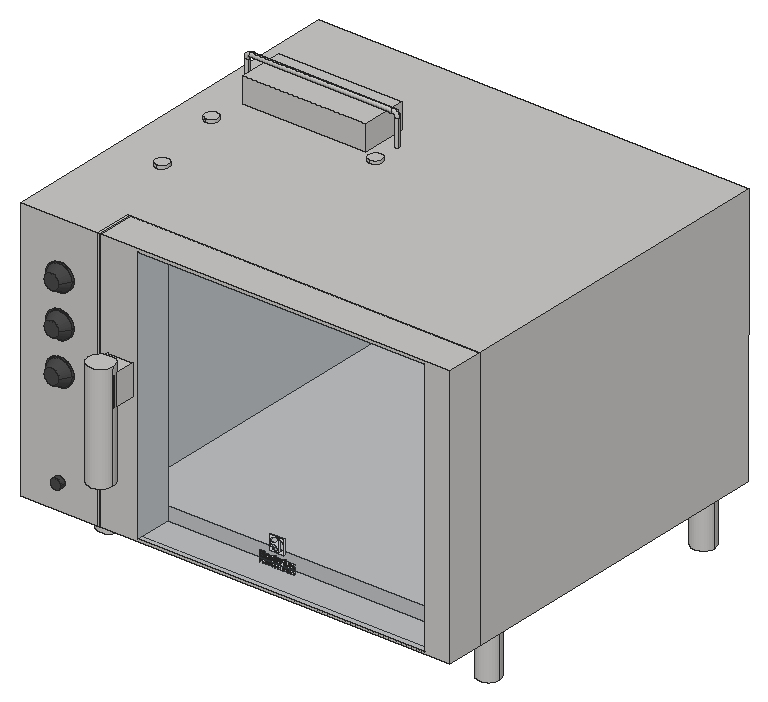
Revit family "QF_ELECTROLUXPROFESSIONAL_260817_EFCL61CSBQ", category Attrezzature speciali, Revit 2018
Family settings
  Quota connettore circolare = Usa diametro
  Tipo di parte = Normale
  Basato su piano di lavoro = No
  Sempre verticale = Sì
  Taglio con vuoti quando caricato = No
  Condiviso = No
  Punto di calcolo locali = No
Parameters (values of type "Standard")
  Weight = 92.10 kg
  Watts = 350 W
  Volts = 220 V
  URL Manufacturer = "https://www.electroluxprofessional.com/"
  URL = "https://www.electroluxprofessional.com/"
  Steam Supply Size = 0 mm
  Steam Supply Minimum Pressure = 0.0 Pa
  Steam Supply Maximum Pressure = 0.0 Pa
  Steam Consumption per Hour = 0
  Show Logo [instance] = yes
  Show Clearance [instance] = yes
  Refrigeration Suction Line Size = 0 mm
  Refrigeration Liquid Line Size = 0 mm
  Refrigerant Compressor Remote = yes
  Produttore = "Electrolux Professional"
  Phase = 1
  Modello = "EFCL61CSBQ"
  Length Actual = 860 mm  # constant formula
  Item Number = "260817"
  Hot Water Size = 0 mm
  Height Actual = 701 mm  # constant formula
  HP = "0.5 HP"
  Gas Size = 12.7 mm
  Gas KW = 8.5
  Gas Input Pressure = 0.062245 W
  Direct Waste Size = 25 mm
  Descrizione = "CONVECTION OVEN CW 6 GN 1/1 - GAS - 60HZ - Q MARK"
  Depth Actual = 746 mm  # constant formula
  Cycle = 60 Hz
  Condensate Return Size = 0 mm
  Compressed Air Volume = 0.0 L/s
  Compressed Air Size = 0 mm
  Compressed Air Pressure = 0.0 Pa
  Cold Water Size = 19.05 mm
  Accessory = yes
Types (2, lengths in mm): name | URL | Produttore | Phase | Modello | Gas Size | Direct Waste Size | Descrizione | Cold Water Size
  (no name) | 0 | 0 | 0 | 0 | 0 | 0 | 0 | 0
  Standard | "https://www.electroluxprofessional.com/" | "Electrolux Professional" | 1 | "EFCL61CSBQ" | 12.7 | 25 | "CONVECTION OVEN CW 6 GN 1/1 - GAS - 60HZ - Q MARK" | 19.05
Values of the unnamed type that differ from the named types
  Weight = 0.00 kg
  Watts = 0 W
  Volts = 0 V
  URL Manufacturer = ""
  Item Number = ""
  HP = ""
  Gas KW = 0
  Gas Input Pressure = 0 W
  Cycle = 0 Hz
Reference planes
  plane 1 "Center X": y = 106.851
  plane 2: z = 0
  plane 3 "Center Y": x = -330
  plane 4 "LEFT": x = -760
  plane 5 "BACK": y = 479.851
  plane 6 "RIGHT": x = 100
  plane 7 "FRONT": y = -266.149
  plane 8: x = -710
  plane 9: y = 421.851
  plane 10: y = -191.149
  plane 11: x = 80
  plane 12: z = 108
  plane 13 "Center Z": z = 633
  plane 14: z = 0
  plane 15 "1": y = 241.851
Forms (mm)
  Extrusion 1, solid, material "QF_Finishes_Stainless Steel"
    sketch origin (0, 0, 950) x (-1, 0, 0) y (0, -1, 0)
      loop
        line (760, -479.851) -> (760, 266.149) -> (600, 266.149) -> (600, 191.149) -> (-100, 191.149) -> (-100, -479.851) -> (760, -479.851)
    from -317 to -842
  Extrusion 2, solid, material "QF_Finishes_Stainless Steel"
    sketch origin (0, -266.149, -670) x (-1, 0, 0) y (0, 0, 1)
      loop
        line (605, 1303) -> (-100, 1303) -> (-100, 778) -> (605, 778) -> (605, 1303)
      loop
        line (525, 1298) -> (-50, 1298) -> (-50, 783) -> (525, 783) -> (525, 1298)
    from 0 to 75
  Extrusion 3, solid, material "QF_Finishes_Glass"
    sketch origin (0, -266.149, -670) x (-1, 0, 0) y (0, 0, 1)
      loop
        line (-50, 1298) -> (-50, 783) -> (525, 783) -> (525, 1298) -> (-50, 1298)
    from 0 to 9.69
  Extrusion 4, solid, material "QF_Finishes_Stainless Steel"
    sketch origin (-46, -45, 638) x (0, -1, 0) y (-1, 0, 0)
      loop
        circle (-347.851, 643) r 13.25
    from 0 to 5
  Extrusion 5, solid, material "QF_Door-Drawer Clearances", visible <- "Show Clearance", detail levels coarse
    sketch origin (0, 0, 633) x (-1, 0, 0) y (0, -1, 0)
      loop
        arc (600, 266.149) -> (394.975, 761.124) -> (-100, 966.149) r 700
        line (-100, 966.149) -> (-100, 266.149) -> (600, 266.149)
    from -525 to 0
  Extrusion 6, solid, material "QF_Finishes_Stainless Steel"
    sketch origin (-20, -463, 638) x (0, -1, 0) y (-1, 0, 0)
      loop
        circle (-429.851, 643) r 13.25
    from 0 to 5
  Extrusion 7, solid, material "QF_Finishes_Stainless Steel"
    sketch origin (246, -161, 638) x (0, -1, 0) y (-1, 0, 0)
      loop
        circle (-347.851, 658) r 13.25
    from 0 to 5
  Extrusion 8, solid, material "QF_Finishes_Stainless Steel"
    sketch origin (0, 0, 420) x (-1, 0, 0) y (0, -1, 0)
      loop
        circle (559.299, 316.149) r 25
    from -193.655 to 20
  Extrusion 9, solid, material "QF_Finishes_Stainless Steel"
    sketch origin (0, 0, 420) x (-1, 0, 0) y (0, -1, 0)
      loop
        line (534.299, 316.149) -> (534.299, 266.149) -> (584.299, 266.149) -> (584.299, 316.149)
        arc (584.299, 316.149) -> (559.299, 291.149) -> (534.299, 316.149) r 25
    from -55.026 to 5
  Extrusion 10, solid, material "QF_Finishes_Black"
    sketch origin (25, -316.149, -1057.5) x (-1, 0, 0) y (0, 0, 1)
      loop
        circle (705.941, 1218.523) r 10
    from 40 to 50
  Extrusion 11, solid, material "QF_Finishes_Stainless Steel"
    sketch origin (-51, -218, 638) x (0, -1, 0) y (-1, 0, 0)
      loop
        circle (-347.851, 643) r 13.25
    from 0 to 5
  Extrusion 12, solid, material "QF_Finishes_Black"
    sketch origin (24, -266.149, -666.676) x (-1, 0, 0) y (0, 0, 1)
      loop
        circle (704, 1195.5) r 26.676
    from 0 to -3
  Blend 13, solid, material "QF_Finishes_Black"
    base sketch origin (-6, -266.149, -666.676) x (1, 0, 0) y (0, 0, 1)
      loop
        circle (-674, 1195.5) r 25
    top sketch origin (-6, -266.149, -666.676) x (1, 0, 0) y (0, 0, 1)
      loop
        circle (-674, 1195.5) r 15
    from 3 to 21.442
  Extrusion 14, solid, material "QF_Finishes_Black"
    sketch origin (24, -266.149, -751.676) x (-1, 0, 0) y (0, 0, 1)
      loop
        circle (704, 1195.5) r 26.676
    from 0 to -3
  Blend 15, solid, material "QF_Finishes_Black"
    base sketch origin (-6, -266.149, -751.676) x (1, 0, 0) y (0, 0, 1)
      loop
        circle (-674, 1195.5) r 25
    top sketch origin (-6, -266.149, -751.676) x (1, 0, 0) y (0, 0, 1)
      loop
        circle (-674, 1195.5) r 15
    from 3 to 21.442
  Extrusion 16, solid, material "QF_Finishes_Black"
    sketch origin (24, -266.149, -836.676) x (-1, 0, 0) y (0, 0, 1)
      loop
        circle (704, 1195.5) r 26.676
    from 0 to -3
  Blend 17, solid, material "QF_Finishes_Black"
    base sketch origin (-6, -266.149, -836.676) x (1, 0, 0) y (0, 0, 1)
      loop
        circle (-674, 1195.5) r 25
    top sketch origin (-6, -266.149, -836.676) x (1, 0, 0) y (0, 0, 1)
      loop
        circle (-674, 1195.5) r 15
    from 3 to 21.442
  Extrusion 18, void
    sketch origin (-600, -680.149, 1750) x (-1, 0, 0) y (0, 0, 1)
      loop
        line (0, -1138.194) -> (-650, -1138.194) -> (-650, -1610) -> (0, -1610) -> (0, -1138.194)
    from 489 to 1102
  Extrusion 19, solid, material "QF_Finishes_Stainless Steel"
    sketch origin (-158.755, 1.577, 1620) x (-1, 0, 0) y (0, -1, 0)
      loop
        line (527.245, -285.274) -> (527.245, -195.745) -> (280.245, -195.745) -> (280.245, -285.274) -> (527.245, -285.274)
    from -987 to -936
  Sweep 20, solid, material "QF_Finishes_Stainless Steel"
    path origin (-11, 241.851, 0) x (-1, 0, 0) y (0, 0, 1)
      loop
        line (702, 638) -> (702, 687)
        arc (702, 687) -> (699.657, 692.657) -> (694, 695) r 8
        line (694, 695) -> (409, 695)
        arc (409, 695) -> (403.343, 692.657) -> (401, 687) r 8
        line (401, 687) -> (401, 633)
    profile origin (-713, 241.851, 662.5) x (1, 0, 0) y (0, 1, 0)
      loop
        circle (0, 0) r 4
Cuts and joins
  Extrusion 18 cuts Extrusion 1
  Extrusion 18 cuts Extrusion 2
  Extrusion 18 cuts Extrusion 3
  Extrusion 18 cuts Extrusion 5
  Extrusion 18 cuts Extrusion 7
  Extrusion 18 cuts Extrusion 8
  Extrusion 18 cuts Extrusion 9
Lines and regions (mm)
  Split face 1
    outline origin (-720, -266.149, 950) x (0, 0, -1) y (1, 0, 0)
      loop
        line (322, -25) -> (837, -25) -> (837, 105) -> (322, 105) -> (322, -25)
  Split face 2
    outline origin (-736.25, -266.149, 746.25) x (0, 0, -1) y (1, 0, 0)
      loop
        line (469.5, 38.5) -> (485.75, 38.5) -> (485.75, 73.5) -> (469.5, 73.5) -> (469.5, 38.5)
  Split face 3
    outline origin (30, -266.149, 135) x (1, 0, 0) y (0, 0, 1)
      loop
        line (-541.223, 70.039) -> (-390, 70.039) -> (-361.716, 98.323) -> (-275, 98.323) -> (-188.284, 98.323) -> (-160, 70.039) -> (6.223, 70.039) -> (6.223, 415.039) -> (-541.223, 415.039) -> (-541.223, 70.039)
  Split face 4
    outline origin (-720, -266.149, 950) x (0, 0, -1) y (1, 0, 0)
      loop
        line (792, -25) -> (792, 105)
  Split face 5
    outline origin (-600, -266.149, 950) x (-1, 0, 0) y (0, 0, -1)
      loop
        line (145, 367) -> (15, 367)
  symbolic lines
    curve 1: line (-760, -266.149, 1620) -> (-760, 479.851, 1620)
    curve 2: line (-760, 479.851, 1620) -> (100, 479.851, 1620)
    curve 3: line (-600, -191.149, 1620) -> (100, -191.149, 1620)
    curve 4: line (-600, -191.149, 1620) -> (-600, -266.149, 1620)
    curve 5: line (-760, -266.149, 1620) -> (100, -266.149, 1620)
    curve 6: line (-706.676, -269.149, 1620) -> (-653.324, -269.149, 1620)
    curve 7: line (-695, -287.591, 1620) -> (-665, -287.591, 1620)
    curve 8: line (-706.676, -269.149, 1620) -> (-706.676, -266.149, 1620)
    curve 9: line (-653.324, -269.149, 1620) -> (-653.324, -266.149, 1620)
    curve 10: line (-695, -287.591, 1620) -> (-705, -269.149, 1620)
    curve 11: line (-665, -287.591, 1620) -> (-655.006, -269.149, 1620)
    curve 12: line (100, 479.851, 1620) -> (100, -266.149, 1620)
    curve 14: arc (-534.299, -316.149, 1620) -> (-559.299, -291.149, 1620) -> (-584.299, -316.149, 1620) r 25
    curve 15: arc (-584.299, -316.149, 1620) -> (-559.299, -341.149, 1620) -> (-534.299, -316.149, 1620) r 25
    curve 16: line (-534.299, -316.149, 1620) -> (-534.299, -266.149, 1620)
    curve 17: line (-584.299, -266.149, 1620) -> (-584.299, -316.149, 1620)
    curve 19: line (-686, 286.851, 684) -> (-439, 286.851, 684)
    curve 20: line (-686, 197.322, 684) -> (-686, 237.851, 684)
    curve 21: line (-439, 197.322, 684) -> (-686, 197.322, 684)
    curve 22: line (-439, 286.851, 684) -> (-439, 245.851, 684)
    curve 23: line (-713, 245.851, 684) -> (-412, 245.851, 684)
    curve 24: line (-713, 237.851, 684) -> (-713, 245.851, 684)
    curve 25: line (-412, 237.851, 684) -> (-713, 237.851, 684)
    curve 26: line (-412, 245.851, 684) -> (-412, 237.851, 684)
    curve 27: line (-686, 245.851, 684) -> (-686, 286.851, 684)
    curve 28: line (-439, 237.851, 684) -> (-439, 197.322, 684)
  symbolic lines, style "QF_Door-Drawer Clearances"
    curve 13: line (100, -966.149, 1620) -> (100, -266.149, 1620)
    curve 18: arc (-600, -266.149, 684) -> (-394.975, -761.124, 684) -> (100, -966.149, 684) r 700
Dimensions and locks
  equal spacing: plane 4 "LEFT", plane 3 "Center Y", plane 6 "RIGHT"
  plane 4 "LEFT" to plane 6 "RIGHT" = 860 mm
  plane 5 "BACK" to plane 7 "FRONT" = 746 mm
  equal spacing: plane 5 "BACK", plane 1 "Center X", plane 7 "FRONT"
  plane 12 to plane 14 = 108 mm
  plane 13 "Center Z" to plane 12 = 525 mm
  plane 13 "Center Z" to plane 14 = 633 mm
  aligned and locked: level to plane 2
  aligned and locked: plane 12 to nested 1
  aligned and locked: plane 12 to nested 2
  aligned and locked: plane 12 to nested 4
  aligned and locked: plane 12 to nested 3
  aligned and locked: Extrusion 1 to plane 12
  aligned and locked: plane 13 "Center Z" to Extrusion 1
  aligned and locked: Blend 13 to Extrusion 12
  aligned and locked: Blend 15 to Extrusion 14
  aligned and locked: Blend 17 to Extrusion 16
Automatic sketch dimensions
  curve 3 to plane 6 "RIGHT" = 0 mm
  curve 16 to plane 7 "FRONT" = 0 mm
  curve 3 to plane 10 = 0 mm
  curve 2 to plane 4 "LEFT" = 0 mm
  curve 1 to plane 5 "BACK" = 0 mm
  curve 16 to plane 7 "FRONT" = 50 mm
  plane 8 to curve 16 = 175.701 mm
  curve 14 to curve 15 = 25 mm
  curve 17 to curve 3 = 15.701 mm
  curve 6 to plane 7 "FRONT" = 3 mm
  curve 4 to curve 6 = 53.324 mm
  curve 6 to curve 7 = 11.676 mm
  plane 8 to curve 7 = 15 mm
  plane 8 to curve 8 = 3.324 mm
  curve 11 to curve 11 = 18.442 mm
  curve 6 to curve 11 = 1.682 mm
  curve 10 to curve 6 = 1.676 mm
  Extrusion 1 sketch curve to plane 5 "BACK" = 0 mm
  Extrusion 1 sketch curve to plane 6 "RIGHT" = 0 mm
  Extrusion 1 sketch curve to plane 10 = 0 mm
  Extrusion 1 sketch curve to plane 7 "FRONT" = 0 mm
  Extrusion 1 sketch curve to plane 4 "LEFT" = 0 mm
  plane 8 to Extrusion 1 sketch curve = 110 mm
  Extrusion 2 sketch curve to plane 6 "RIGHT" = 0 mm
  Extrusion 2 sketch curve to plane 12 = 0 mm
  Extrusion 2 sketch curve to plane 13 "Center Z" = 0 mm
  plane 12 to Extrusion 2 sketch curve = 5 mm
  Extrusion 2 sketch curve to plane 11 = 30 mm
  Extrusion 2 sketch curve to plane 13 "Center Z" = 5 mm
  plane 8 to Extrusion 2 sketch curve = 185 mm
  Extrusion 2 sketch curve to Extrusion 2 sketch curve = 80 mm
  plane 12 to Extrusion 3 sketch curve = 5 mm
  Extrusion 3 sketch curve to plane 11 = 30 mm
  plane 8 to Extrusion 3 sketch curve = 185 mm  (x2)
  Extrusion 3 sketch curve to plane 13 "Center Z" = 5 mm
  Extrusion 4 sketch curve to plane 1 "Center X" = 196 mm
  plane 8 to Extrusion 4 sketch curve = 21 mm
  Extrusion 5 sketch curve to plane 6 "RIGHT" = 0 mm
  Extrusion 5 sketch curve to plane 7 "FRONT" = 0 mm
  plane 8 to Extrusion 5 sketch curve = 110 mm
  Split face 1 sketch curve to Extrusion 1 = 5 mm  (x2)
  Split face 1 sketch curve to Extrusion 1 = 15 mm  (x2)
  Split face 2 sketch curve to Extrusion 1 = 62.75 mm
  Split face 2 sketch curve to Extrusion 1 = 168.75 mm
  Split face 2 sketch curve to Split face 2 sketch curve = 16.25 mm
  Split face 2 sketch curve to Split face 2 sketch curve = 35 mm
  plane 8 to Extrusion 6 sketch curve = 47 mm
  plane 1 "Center X" to Extrusion 6 sketch curve = 140 mm
  Extrusion 7 sketch curve to plane 3 "Center Y" = 82 mm
  Extrusion 7 sketch curve to plane 9 = 235 mm
  Extrusion 8 sketch curve to plane 7 "FRONT" = 50 mm
  plane 8 to Extrusion 8 sketch curve = 150.701 mm
  Extrusion 9 sketch curve to plane 7 "FRONT" = 0 mm
  plane 8 to Extrusion 9 sketch curve = 175.701 mm
  Extrusion 9 sketch curve to Extrusion 9 sketch curve = 25 mm
  Extrusion 9 sketch curve to plane 7 "FRONT" = 50 mm
  Split face 3 sketch curve to Extrusion 3 = 13.777 mm  (x2)
  Split face 3 sketch curve to Split face 3 sketch curve = 151.223 mm
  Split face 3 sketch curve to Split face 3 sketch curve = 28.284 mm  (x3)
  Split face 3 sketch curve to Split face 3 sketch curve = 86.716 mm  (x2)
  Split face 3 sketch curve to Extrusion 3 = 92.039 mm  (x2)
  Split face 3 sketch curve to Extrusion 3 = 77.961 mm
  Split face 4 sketch curve to Extrusion 1 = 15 mm  (x2)
  Split face 4 sketch curve to Extrusion 1 = 50 mm
  plane 8 to Extrusion 10 sketch curve = 29.059 mm
  plane 12 to Extrusion 10 sketch curve = 53.023 mm
  Split face 5 sketch curve to Extrusion 1 = 15 mm  (x2)
  Split face 5 sketch curve to Extrusion 1 = 50 mm
  plane 8 to Extrusion 11 sketch curve = 16 mm
  Extrusion 11 sketch curve to plane 1 "Center X" = 23 mm
  plane 8 to Extrusion 12 sketch curve = 30 mm
  Extrusion 12 sketch curve to plane 13 "Center Z" = 104.176 mm
  plane 8 to Blend 13 sketch curve = 30 mm  (x2)
  Blend 13 sketch curve to plane 13 "Center Z" = 104.176 mm  (x2)
  plane 8 to Extrusion 14 sketch curve = 30 mm
  Extrusion 14 sketch curve to plane 13 "Center Z" = 189.176 mm
  plane 8 to Blend 15 sketch curve = 30 mm  (x2)
  Blend 15 sketch curve to plane 13 "Center Z" = 189.176 mm  (x2)
  plane 8 to Extrusion 16 sketch curve = 30 mm
  plane 12 to Extrusion 16 sketch curve = 250.824 mm
  plane 8 to Blend 17 sketch curve = 30 mm  (x2)
  plane 12 to Blend 17 sketch curve = 250.824 mm  (x2)
  Extrusion 18 sketch curve to plane 11 = 30 mm
  plane 12 to Extrusion 18 sketch curve = 32 mm
  plane 8 to Extrusion 18 sketch curve = 110 mm
  Extrusion 18 sketch curve to plane 13 "Center Z" = 21.194 mm
  Extrusion 19 sketch curve to plane 3 "Center Y" = 109 mm
  plane 8 to Extrusion 19 sketch curve = 24 mm
  Extrusion 19 sketch curve to plane 9 = 135 mm
  Extrusion 19 sketch curve to plane 1 "Center X" = 90.471 mm
  Sweep 20 sketch curve to plane 13 "Center Z" = 0 mm
  Sweep 20 sketch curve to plane 3 "Center Y" = 82 mm
  Sweep 20 sketch curve to Sweep 20 sketch curve = 8 mm
  plane 8 to Sweep 20 sketch curve = 5 mm
  Sweep 20 sketch curve to plane 8 = 3 mm
  Sweep 20 sketch curve to Sweep 20 sketch curve = 54 mm
  plane 13 "Center Z" to Sweep 20 sketch curve = 5 mm
  Sweep 20 sketch curve to plane 15 "1" = 0 mm
  Sweep 20 sketch curve to profile plane = 0 mm
  curve 13 to plane 7 "FRONT" = 700 mm
  curve 18 to plane 6 "RIGHT" = 0 mm
  curve 18 to plane 7 "FRONT" = 0 mm
  curve 25 to plane 15 "1" = 4 mm
  curve 25 to plane 3 "Center Y" = 82 mm
  curve 25 to curve 21 = 27 mm
  curve 19 to curve 28 = 0 mm
  plane 8 to curve 21 = 24 mm
  plane 8 to curve 27 = 24 mm
  curve 24 to plane 8 = 3 mm
  plane 15 "1" to curve 26 = 4 mm
  curve 19 to curve 27 = 41 mm
  curve 21 to plane 15 "1" = 44.529 mm
  plane 8 to curve 18 = 110 mm
  radius of Extrusion 4 sketch curve = 13.25 mm
  radius of Extrusion 6 sketch curve = 13.25 mm
  radius of Extrusion 7 sketch curve = 13.25 mm
  radius of Extrusion 8 sketch curve = 25 mm
  radius of Extrusion 10 sketch curve = 10 mm
  radius of Extrusion 11 sketch curve = 13.25 mm
  radius of Extrusion 12 sketch curve = 26.676 mm
  radius of Blend 13 sketch curve = 25 mm
  radius of Blend 13 sketch curve = 15 mm
  radius of Extrusion 14 sketch curve = 26.676 mm
  radius of Blend 15 sketch curve = 25 mm
  radius of Blend 15 sketch curve = 15 mm
  radius of Extrusion 16 sketch curve = 26.676 mm
  radius of Blend 17 sketch curve = 25 mm
  radius of Blend 17 sketch curve = 15 mm
  radius of Sweep 20 sketch curve = 4 mm
Nested families
  nested 1: "Foot" at (-710, -107.149, 0), type "Foot"
    with Ø 22 mm, H 108 mm
  nested 2: "Foot" at (50, -107.149, 0), type "Foot"
    with Ø 22 mm, H 108 mm
  nested 3: "Foot" at (50, 429.851, 0), type "Foot"
    with Ø 22 mm, H 108 mm
  nested 4: "Foot" at (-710, 429.851, 0), type "Foot"
    with Ø 22 mm, H 108 mm
  nested 5: "ELX_Pro_Logo" at (-245, -266.149, 184.012) x (1, 0, 0) z (0, -1, 0), type "ELX_Pro_Logo"
Connectors
  piping at (-412, 186.851, 638), diameter 25, driven by "Direct Waste Size"
    settings: on Extrusion 7, index 6, connector inside diameter 609.6 mm, connector length 0 mm, flow factor 0, pipe flow 0.0 L/s, pressure drop 0.0 Pa, fitting loss kfactor 0, connector angle 0.00°, fixture units 0, engagement length 0 mm, angle of deflection 0.00°, flow configuration 0, flow direction 0, fitting loss method 0, system type 16, joint type 0, gender type 0, connector reference index -1, connector utility 0, adjustable connector no, is connector primary yes, connector description "Drain"
  electrical at (-663, -33.149, 638)
    settings: on Extrusion 6, index 7, voltage 0 V, apparent load 0 VA, apparent load phase1 0 VA, apparent load phase2 0 VA, apparent load phase3 0 VA, power factor 1, load classification "Altro", number of poles 1, system type 30, power factor state 1, is connector primary yes, connector utility no, sub classification motor no, connector description ""
  piping at (-689, 302.851, 638), diameter 19.05, driven by "Cold Water Size"
    settings: on Extrusion 4, index 8, connector inside diameter 609.6 mm, connector length 0 mm, flow factor 0, pipe flow 0.0 L/s, pressure drop 0.0 Pa, fitting loss kfactor 0, connector angle 0.00°, fixture units 0, engagement length 0 mm, angle of deflection 0.00°, flow configuration 0, flow direction 0, fitting loss method 0, system type 20, joint type 0, gender type 0, connector reference index -1, connector utility 0, adjustable connector no, is connector primary no, connector description "Cold Water Inlet"
  piping at (-694, 129.851, 638), diameter 26.4
    settings: on Extrusion 11, index 9, connector inside diameter 609.6 mm, connector length 0 mm, flow factor 0, pipe flow 0.0 L/s, pressure drop 0.0 Pa, fitting loss kfactor 0, connector angle 0.00°, fixture units 0, engagement length 0 mm, angle of deflection 0.00°, flow configuration 0, flow direction 0, fitting loss method 0, system type 22, joint type 0, gender type 0, connector reference index -1, connector utility 0, adjustable connector no, is connector primary no, connector description "Gas"
Definition of nested family "Foot"
  Parameters
    Ø [instance] = 20 mm
    H [instance] = 50 mm
  Reference planes
    plane 1 "Centro (Fronte/Retro)": y = 0
    plane 2: z = 0
    plane 3 "Centro (Sinistra/Destra)": x = 0
    plane 4: z = 50
  Forms (mm)
    Revolve 1, solid
      sketch origin (255.05, 0, 608.09) x (0, 0, 1) y (-1, 0, 0)
        loop
          line (-608.09, 255.05) -> (-608.09, 235.05) -> (-558.09, 235.05) -> (-558.09, 255.05) -> (-608.09, 255.05)
        axis (-608.09, 255.05) -> (-558.09, 255.05)
      angle from 0 to 360
  Dimensions and locks
    "H": plane 4 to plane 2
    "Ø": Revolve 1 sketch curve to Revolve 1 sketch curve
    aligned and locked: level to plane 2
    aligned and locked: plane 4 to Revolve 1 sketch curve
    aligned and locked: Revolve 1 sketch curve to level
    aligned and locked: plane 3 "Centro (Sinistra/Destra)" to Revolve 1 sketch curve
  Automatic sketch dimensions
    Revolve 1 sketch curve to plane 3 "Centro (Sinistra/Destra)" = 0 mm
    Revolve 1 sketch curve to Revolve 1 sketch curve = 50 mm
    Revolve 1 sketch curve to Revolve 1 sketch curve = 20 mm
Definition of nested family "ELX_Pro_Logo"
  Parameters (values of type "ELX_Pro_Logo")
    M = none
    Default Elevation = 0 mm
  Reference planes
    plane 1 "Centro (Fronte/Retro)": y = 0
    plane 2: z = 0
    plane 3 "Centro (Sinistra/Destra)": x = 0
  Forms (mm)
    Extrusion 1, solid
      sketch origin (0, 0, 0) x (1, 0, 0) y (0, 1, 0)
        loop
          line (-1219.2, 1219.2) -> (-1219.2, -1219.2) -> (1219.2, -1219.2) -> (1219.2, 1219.2) -> (-1219.2, 1219.2)
      from 0 to -304.8
    Extrusion 2, solid, material <- "M"
      sketch origin (-144.622, -1081.55, 0) x (-1, 0, 0) y (0, -1, 0)
        loop
          line (-111.329, -1069.559) -> (-111.329, -1071.073) -> (-116.048, -1071.073) -> (-116.048, -1072.896) -> (-111.328, -1072.896) -> (-111.328, -1075.549) -> (-116.349, -1075.549) -> (-116.349, -1077.368) -> (-109.396, -1077.368) -> (-109.396, -1073.46) -> (-109.396, -1069.659)
          arc (-109.396, -1069.659) -> (-110.425, -1067.175) -> (-112.909, -1066.146) r 3.513
          line (-112.909, -1066.146) -> (-116.483, -1066.146) -> (-116.483, -1067.963) -> (-112.925, -1067.963)
          arc (-112.925, -1067.963) -> (-111.797, -1068.431) -> (-111.329, -1069.559) r 1.596
        loop
          line (-119.79, -1077.358) -> (-117.856, -1077.358) -> (-117.856, -1072.053) -> (-117.856, -1066.132) -> (-119.79, -1066.132) -> (-119.79, -1072.092) -> (-119.79, -1077.358)
        loop
          line (-122.986, -1069.718) -> (-129.327, -1069.718)
          arc (-129.327, -1069.718) -> (-129.219, -1071.449) -> (-128.497, -1073.026) r 4.757
          arc (-128.497, -1073.026) -> (-125.237, -1074.5) -> (-121.978, -1073.026) r 4.34
          arc (-121.978, -1073.026) -> (-121.072, -1070.207) -> (-121.978, -1067.388) r 4.838
          arc (-121.978, -1067.388) -> (-125.393, -1065.933) -> (-128.809, -1067.388) r 4.737
          line (-128.809, -1067.388) -> (-127.645, -1068.52)
          arc (-127.645, -1068.52) -> (-125.509, -1067.576) -> (-123.374, -1068.52) r 2.888
          arc (-123.374, -1068.52) -> (-123.05, -1069.077) -> (-122.986, -1069.718) r 1.527
        loop
          arc (-127.386, -1071.076) -> (-126.67, -1072.331) -> (-125.331, -1072.872) r 2.201
          arc (-125.331, -1072.872) -> (-123.848, -1072.402) -> (-123.033, -1071.076) r 2.23
          line (-123.033, -1071.076) -> (-127.386, -1071.076)
        loop
          line (-136.862, -1071.886) -> (-138.059, -1073.132)
          arc (-138.059, -1073.132) -> (-130.327, -1070.219) -> (-138.059, -1067.306) r 4.415
          line (-138.059, -1067.306) -> (-136.862, -1068.553)
          arc (-136.862, -1068.553) -> (-132.252, -1070.22) -> (-136.862, -1071.886) r 2.606
        loop
          line (-141.192, -1069.673) -> (-141.192, -1072.494) -> (-142.951, -1072.494) -> (-142.951, -1074.25) -> (-141.195, -1074.25) -> (-141.195, -1077.358) -> (-139.262, -1077.358) -> (-139.262, -1073.332) -> (-139.262, -1069.514)
          arc (-139.262, -1069.514) -> (-140.299, -1066.92) -> (-142.98, -1066.132) r 3.196
          line (-142.98, -1066.132) -> (-142.987, -1067.949)
          arc (-142.987, -1067.949) -> (-141.652, -1068.356) -> (-141.192, -1069.673) r 1.542
        loop
          line (-146.494, -1073.042) -> (-146.494, -1074.25) -> (-144.576, -1074.25) -> (-144.576, -1070.271) -> (-144.576, -1066.132) -> (-146.494, -1066.132) -> (-146.494, -1070.401)
          arc (-146.494, -1070.401) -> (-147.446, -1072.228) -> (-149.489, -1072.494) r 2.229
          line (-149.489, -1072.494) -> (-149.489, -1074.362)
          arc (-149.489, -1074.362) -> (-147.761, -1074.226) -> (-146.494, -1073.042) r 2.627
        loop
          line (-159.833, -1072.246) -> (-159.833, -1066.131) -> (-161.767, -1066.131) -> (-161.767, -1072.17) -> (-161.767, -1077.359) -> (-159.833, -1077.359) -> (-159.833, -1072.246)
        loop
          line (-165.194, -1069.514) -> (-165.194, -1074.25) -> (-163.245, -1074.25) -> (-163.245, -1071.898) -> (-163.245, -1069.098)
          arc (-163.245, -1069.098) -> (-166.96, -1065.769) -> (-170.687, -1069.085) r 3.745
          line (-170.687, -1069.085) -> (-170.687, -1071.898) -> (-170.687, -1074.25) -> (-168.739, -1074.25) -> (-168.739, -1069.514)
          arc (-168.739, -1069.514) -> (-166.967, -1067.742) -> (-165.194, -1069.514) r 1.772
        loop
          line (-174.654, -1070.416) -> (-172.975, -1068.078) -> (-171.578, -1066.131) -> (-173.656, -1066.131) -> (-175.717, -1068.999) -> (-177.779, -1066.131) -> (-179.857, -1066.131) -> (-178, -1068.728) -> (-176.781, -1070.433) -> (-178.29, -1072.488) -> (-179.583, -1074.25) -> (-177.473, -1074.25) -> (-175.717, -1071.818) -> (-173.945, -1074.25) -> (-171.852, -1074.25) -> (-173.052, -1072.608) -> (-174.654, -1070.416)
        loop
          circle (-154.223, -1070.188) r 2.508
        loop
          circle (-154.223, -1070.188) r 4.42
        loop
          line (-110.224, -1058.542) -> (-111.194, -1058.542)
          arc (-111.194, -1058.542) -> (-112.217, -1059.95) -> (-110.924, -1061.114) r 1.3
          line (-110.924, -1061.114) -> (-109.424, -1061.114) -> (-109.424, -1057.223) -> (-110.224, -1057.223) -> (-110.224, -1058.542)
        loop
          line (-110.224, -1060.379) -> (-110.224, -1059.293) -> (-111.03, -1059.293)
          arc (-111.03, -1059.293) -> (-111.43, -1059.836) -> (-111.03, -1060.379) r 0.569
          line (-111.03, -1060.379) -> (-110.224, -1060.379)
        loop
          line (-116.302, -1058.564) -> (-117.128, -1058.564) -> (-117.934, -1057.223) -> (-118.841, -1057.223) -> (-117.833, -1058.884)
          arc (-117.833, -1058.884) -> (-118.214, -1060.282) -> (-117.028, -1061.114) r 1.26
          line (-117.028, -1061.114) -> (-115.503, -1061.114) -> (-115.503, -1057.223) -> (-116.302, -1057.223) -> (-116.302, -1058.564)
        loop
          line (-116.302, -1060.379) -> (-116.302, -1059.293) -> (-117.109, -1059.293)
          arc (-117.109, -1059.293) -> (-117.508, -1059.836) -> (-117.109, -1060.379) r 0.569
          line (-117.109, -1060.379) -> (-116.302, -1060.379)
        loop
          line (-128.923, -1057.223) -> (-129.723, -1057.223) -> (-129.723, -1058.714) -> (-131.187, -1058.714) -> (-131.187, -1059.514) -> (-129.723, -1059.514) -> (-129.723, -1060.314) -> (-131.327, -1060.314) -> (-131.327, -1061.114) -> (-128.923, -1061.114) -> (-128.923, -1057.223)
        loop
          arc (-134.628, -1058.469) -> (-134.992, -1057.588) -> (-135.874, -1057.223) r 1.246
          line (-135.874, -1057.223) -> (-137.13, -1057.223) -> (-137.13, -1058.023) -> (-135.969, -1058.023)
          arc (-135.969, -1058.023) -> (-135.53, -1058.237) -> (-135.427, -1058.714) r 0.558
          line (-135.427, -1058.714) -> (-136.984, -1058.714) -> (-136.984, -1059.514) -> (-135.427, -1059.514) -> (-135.427, -1060.314) -> (-137.092, -1060.314) -> (-137.092, -1061.114) -> (-134.628, -1061.114) -> (-134.628, -1058.469)
        loop
          line (-152.3, -1057.223) -> (-153.1, -1057.223) -> (-153.1, -1061.114) -> (-152.3, -1061.114) -> (-152.3, -1057.223)
        loop
          line (-164.67, -1057.223) -> (-164.67, -1059.67) -> (-166.45, -1057.223) -> (-167.25, -1057.223) -> (-167.25, -1061.114) -> (-166.42, -1061.114) -> (-166.42, -1058.594) -> (-164.64, -1061.114) -> (-163.84, -1061.114) -> (-163.84, -1057.223) -> (-164.67, -1057.223)
        loop
          line (-170.403, -1057.223) -> (-171.262, -1057.223) -> (-171.641, -1058.063) -> (-173.08, -1058.063) -> (-173.459, -1057.223) -> (-174.317, -1057.223) -> (-172.796, -1061.113) -> (-171.996, -1061.113) -> (-170.403, -1057.223)
        loop
          line (-177.493, -1057.223) -> (-179.789, -1057.223) -> (-179.789, -1058.023) -> (-178.293, -1058.023) -> (-178.293, -1061.114) -> (-177.493, -1061.114) -> (-177.493, -1057.223)
        loop
          line (-172.362, -1059.848) -> (-171.945, -1058.83) -> (-172.76, -1058.83) -> (-172.362, -1059.848)
        loop
          circle (-158.484, -1059.145) r 1.288
        loop
          circle (-158.484, -1059.145) r 2.065
        loop
          arc (-146.04, -1058.095) -> (-146.933, -1057.275) -> (-148.145, -1057.245) r 1.725
          arc (-148.145, -1057.245) -> (-148.965, -1058.02) -> (-148.68, -1059.111) r 1.107
          arc (-148.68, -1059.111) -> (-148.103, -1059.465) -> (-147.486, -1059.746) r 5.523
          arc (-147.486, -1059.746) -> (-147.147, -1060.262) -> (-147.708, -1060.52) r 0.407
          arc (-147.708, -1060.52) -> (-148.045, -1060.315) -> (-148.325, -1060.038) r 1.702
          line (-148.325, -1060.038) -> (-149.011, -1060.45)
          arc (-149.011, -1060.45) -> (-148.578, -1060.911) -> (-148.043, -1061.247) r 2.463
          arc (-148.043, -1061.247) -> (-146.373, -1060.466) -> (-147.42, -1058.949) r 1.207
          spline (-147.42, -1058.949) -> (-147.716, -1058.809) -> (-147.932, -1058.678) -> (-148.077, -1058.557) -> (-148.163, -1058.446) -> (-148.198, -1058.347) -> (-148.192, -1058.258) -> (-148.157, -1058.182) -> (-148.102, -1058.118) -> (-148.037, -1058.068) -> (-147.972, -1058.031) -> (-147.917, -1058.008) -> (-147.883, -1058)
          arc (-147.883, -1058) -> (-147.238, -1058.014) -> (-146.759, -1058.446) r 0.925
          line (-146.759, -1058.446) -> (-146.04, -1058.095)
        loop
          arc (-140.18, -1058.095) -> (-141.073, -1057.275) -> (-142.285, -1057.245) r 1.725
          arc (-142.285, -1057.245) -> (-143.106, -1058.02) -> (-142.821, -1059.111) r 1.107
          arc (-142.821, -1059.111) -> (-142.243, -1059.465) -> (-141.627, -1059.746) r 5.523
          arc (-141.627, -1059.746) -> (-141.287, -1060.262) -> (-141.849, -1060.52) r 0.407
          arc (-141.849, -1060.52) -> (-142.185, -1060.315) -> (-142.466, -1060.038) r 1.702
          line (-142.466, -1060.038) -> (-143.151, -1060.45)
          arc (-143.151, -1060.45) -> (-142.719, -1060.911) -> (-142.183, -1061.247) r 2.463
          arc (-142.183, -1061.247) -> (-140.513, -1060.466) -> (-141.56, -1058.949) r 1.207
          spline (-141.56, -1058.949) -> (-141.856, -1058.809) -> (-142.072, -1058.678) -> (-142.218, -1058.557) -> (-142.303, -1058.446) -> (-142.338, -1058.347) -> (-142.333, -1058.258) -> (-142.298, -1058.182) -> (-142.242, -1058.118) -> (-142.177, -1058.068) -> (-142.112, -1058.031) -> (-142.057, -1058.008) -> (-142.023, -1058)
          arc (-142.023, -1058) -> (-141.378, -1058.014) -> (-140.9, -1058.446) r 0.925
          line (-140.9, -1058.446) -> (-140.18, -1058.095)
        loop
          circle (-123.484, -1059.145) r 1.288
        loop
          circle (-123.484, -1059.145) r 2.065
        loop
          line (-130.225, -1113.361) -> (-130.225, -1084.645) -> (-158.979, -1084.645) -> (-158.979, -1113.361) -> (-130.225, -1113.361)
        loop
          arc (-148.442, -1086.055) -> (-157.992, -1098.973) -> (-148.442, -1111.892) r 13.512
          line (-148.442, -1111.892) -> (-148.442, -1086.055)
        loop
          line (-147.127, -1086.055) -> (-147.127, -1087.926)
          arc (-147.127, -1087.926) -> (-143.116, -1095.125) -> (-135.48, -1098.224) r 12.412
          line (-135.48, -1098.224) -> (-131.205, -1098.224)
          arc (-131.205, -1098.224) -> (-136.382, -1088.497) -> (-147.127, -1086.055) r 13.242
        loop
          line (-147.127, -1110.021) -> (-147.127, -1112.224)
          arc (-147.127, -1112.224) -> (-136.374, -1109.53) -> (-131.205, -1099.722) r 13.588
          line (-131.205, -1099.722) -> (-135.48, -1099.722)
          arc (-135.48, -1099.722) -> (-143.116, -1102.822) -> (-147.127, -1110.021) r 12.412
      from 0 to 1.6
  Lines and regions (mm)
    symbolic lines
      curve 1: line (-14.357, 31.811, 0) -> (14.357, 31.811, 0)
      curve 2: line (-14.357, 3.095, 0) -> (-14.357, 31.811, 0)
      curve 3: line (14.357, 3.095, 0) -> (-14.357, 3.095, 0)
      curve 4: line (14.357, 31.811, 0) -> (14.357, 3.095, 0)
      curve 5: line (-8.32, 7.722, 0) -> (-9.387, 8.738, 0)
      curve 6: line (-9.387, 8.738, 0) -> (-10.331, 9.866, 0)
      curve 7: line (-10.331, 9.866, 0) -> (-11.141, 11.095, 0)
      curve 8: line (-11.141, 11.095, 0) -> (-11.805, 12.411, 0)
      curve 9: line (-11.805, 12.411, 0) -> (-12.31, 13.803, 0)
      curve 10: line (-12.31, 13.803, 0) -> (-12.646, 15.26, 0)
      curve 11: line (-12.646, 15.26, 0) -> (-12.8, 16.77, 0)
      curve 12: line (-12.8, 16.77, 0) -> (-10.081, 16.77, 0)
      curve 13: line (-10.081, 16.77, 0) -> (-8.466, 16.661, 0)
      curve 14: line (-8.466, 16.661, 0) -> (-6.88, 16.344, 0)
      curve 15: line (-6.88, 16.344, 0) -> (-5.345, 15.833, 0)
      curve 16: line (-5.345, 15.833, 0) -> (-3.882, 15.143, 0)
      curve 17: line (-3.882, 15.143, 0) -> (-2.511, 14.288, 0)
      curve 18: line (-2.511, 14.288, 0) -> (-1.255, 13.283, 0)
      curve 19: line (-1.255, 13.283, 0) -> (-0.135, 12.143, 0)
      curve 20: line (-0.135, 12.143, 0) -> (0.83, 10.882, 0)
      curve 21: line (0.83, 10.882, 0) -> (1.616, 9.515, 0)
      curve 22: arc (1.616, 9.515, 0) -> (2.419, 7.28, 0) -> (2.7, 4.923, 0) r 10.532
      curve 23: arc (2.7, 4.923, 0) -> (1.362, 4.715, 0) -> (0.011, 4.633, 0) r 14.39
      curve 24: line (0.011, 4.633, 0) -> (-1.56, 4.731, 0)
      curve 25: line (-1.56, 4.731, 0) -> (-3.062, 5.011, 0)
      curve 26: line (-3.062, 5.011, 0) -> (-4.502, 5.462, 0)
      curve 27: line (-4.502, 5.462, 0) -> (-5.866, 6.072, 0)
      curve 28: line (-5.866, 6.072, 0) -> (-7.142, 6.829, 0)
      curve 29: line (-7.142, 6.829, 0) -> (-8.32, 7.722, 0)
      curve 30: line (-10.802, 24.24, 0) -> (-9.872, 25.531, 0)
      curve 31: line (-9.872, 25.531, 0) -> (-8.796, 26.699, 0)
      curve 32: line (-8.796, 26.699, 0) -> (-7.587, 27.728, 0)
      curve 33: line (-7.587, 27.728, 0) -> (-6.258, 28.602, 0)
      curve 34: line (-6.258, 28.602, 0) -> (-4.823, 29.309, 0)
      curve 35: line (-4.823, 29.309, 0) -> (-3.293, 29.832, 0)
      curve 36: line (-3.293, 29.832, 0) -> (-1.683, 30.156, 0)
      curve 37: arc (-1.683, 30.156, 0) -> (0.517, 30.256, 0) -> (2.702, 29.984, 0) r 13.008
      curve 38: arc (2.702, 29.984, 0) -> (2.453, 27.616, 0) -> (1.617, 25.387, 0) r 9.395
      curve 39: line (1.617, 25.387, 0) -> (0.83, 24.018, 0)
      curve 40: line (0.83, 24.018, 0) -> (-0.134, 22.756, 0)
      curve 41: line (-0.134, 22.756, 0) -> (-1.255, 21.615, 0)
      curve 42: line (-1.255, 21.615, 0) -> (-2.512, 20.609, 0)
      curve 43: line (-2.512, 20.609, 0) -> (-3.882, 19.754, 0)
      curve 44: line (-3.882, 19.754, 0) -> (-5.346, 19.063, 0)
      curve 45: line (-5.346, 19.063, 0) -> (-6.881, 18.551, 0)
      curve 46: line (-6.881, 18.551, 0) -> (-8.467, 18.234, 0)
      curve 47: line (-8.467, 18.234, 0) -> (-10.083, 18.125, 0)
      curve 48: line (-10.083, 18.125, 0) -> (-12.798, 18.125, 0)
      curve 49: line (-12.798, 18.125, 0) -> (-12.584, 19.768, 0)
      curve 50: line (-12.584, 19.768, 0) -> (-12.171, 21.343, 0)
      curve 51: line (-12.171, 21.343, 0) -> (-11.572, 22.839, 0)
      curve 52: line (-11.572, 22.839, 0) -> (-10.802, 24.24, 0)
      curve 53: line (4.048, 5.294, 0) -> (4.048, 29.617, 0)
      curve 54: line (4.048, 29.617, 0) -> (5.525, 29.026, 0)
      curve 55: line (5.525, 29.026, 0) -> (6.905, 28.26, 0)
      curve 56: line (6.905, 28.26, 0) -> (8.174, 27.332, 0)
      curve 57: line (8.174, 27.332, 0) -> (9.318, 26.256, 0)
      curve 58: line (9.318, 26.256, 0) -> (10.323, 25.046, 0)
      curve 59: line (10.323, 25.046, 0) -> (11.177, 23.715, 0)
      curve 60: line (11.177, 23.715, 0) -> (11.865, 22.277, 0)
      curve 61: line (11.865, 22.277, 0) -> (12.375, 20.746, 0)
      curve 62: line (12.375, 20.746, 0) -> (12.693, 19.135, 0)
      curve 63: line (12.693, 19.135, 0) -> (12.804, 17.459, 0)
      curve 64: line (12.804, 17.459, 0) -> (12.702, 15.807, 0)
      curve 65: line (12.702, 15.807, 0) -> (12.396, 14.216, 0)
      curve 66: line (12.396, 14.216, 0) -> (11.897, 12.7, 0)
      curve 67: line (11.897, 12.7, 0) -> (11.218, 11.271, 0)
      curve 68: line (11.218, 11.271, 0) -> (10.372, 9.944, 0)
      curve 69: line (10.372, 9.944, 0) -> (9.37, 8.731, 0)
      curve 70: line (9.37, 8.731, 0) -> (8.224, 7.646, 0)
      curve 71: line (8.224, 7.646, 0) -> (6.947, 6.703, 0)
      curve 72: line (6.947, 6.703, 0) -> (5.551, 5.914, 0)
      curve 73: line (5.551, 5.914, 0) -> (4.048, 5.294, 0)
      curve 74: line (-35.227, -8.09, 0) -> (-35.227, -11.891, 0)
      curve 75: arc (-35.227, -11.891, 0) -> (-34.198, -14.375, 0) -> (-31.714, -15.404, 0) r 3.513
      curve 76: line (-31.714, -15.404, 0) -> (-28.139, -15.404, 0)
      curve 77: line (-28.139, -15.404, 0) -> (-28.139, -13.587, 0)
      curve 78: line (-28.139, -13.587, 0) -> (-31.697, -13.587, 0)
      curve 79: arc (-31.697, -13.587, 0) -> (-32.826, -13.119, 0) -> (-33.293, -11.991, 0) r 1.596
      curve 80: line (-33.293, -11.991, 0) -> (-33.293, -10.477, 0)
      curve 81: line (-33.293, -10.477, 0) -> (-28.574, -10.477, 0)
      curve 82: line (-28.574, -10.477, 0) -> (-28.574, -8.654, 0)
      curve 83: line (-28.574, -8.654, 0) -> (-33.294, -8.654, 0)
      curve 84: line (-33.294, -8.654, 0) -> (-33.294, -6.001, 0)
      curve 85: line (-33.294, -6.001, 0) -> (-28.273, -6.001, 0)
      curve 86: line (-28.273, -6.001, 0) -> (-28.273, -4.182, 0)
      curve 87: line (-28.273, -4.182, 0) -> (-35.227, -4.182, 0)
      curve 88: line (-35.227, -4.182, 0) -> (-35.227, -8.09, 0)
      curve 89: line (-24.833, -9.458, 0) -> (-24.833, -4.192, 0)
      curve 90: line (-24.833, -4.192, 0) -> (-26.766, -4.192, 0)
      curve 91: line (-26.766, -4.192, 0) -> (-26.766, -9.497, 0)
      curve 92: line (-26.766, -9.497, 0) -> (-26.766, -15.418, 0)
      curve 93: line (-26.766, -15.418, 0) -> (-24.833, -15.418, 0)
      curve 94: line (-24.833, -15.418, 0) -> (-24.833, -9.458, 0)
      curve 95: arc (-16.125, -8.524, 0) -> (-19.385, -7.05, 0) -> (-22.645, -8.524, 0) r 4.34
      curve 96: arc (-22.645, -8.524, 0) -> (-23.551, -11.343, 0) -> (-22.645, -14.162, 0) r 4.838
      curve 97: arc (-22.645, -14.162, 0) -> (-19.229, -15.617, 0) -> (-15.813, -14.162, 0) r 4.737
      curve 98: line (-15.813, -14.162, 0) -> (-16.978, -13.03, 0)
      curve 99: arc (-16.978, -13.03, 0) -> (-19.113, -13.974, 0) -> (-21.249, -13.03, 0) r 2.888
      curve 100: arc (-21.249, -13.03, 0) -> (-21.572, -12.473, 0) -> (-21.637, -11.832, 0) r 1.527
      curve 101: line (-21.637, -11.832, 0) -> (-15.295, -11.832, 0)
      curve 102: arc (-15.295, -11.832, 0) -> (-15.404, -10.101, 0) -> (-16.125, -8.524, 0) r 4.757
      curve 103: line (-17.236, -10.474, 0) -> (-21.589, -10.474, 0)
      curve 104: arc (-21.589, -10.474, 0) -> (-20.774, -9.148, 0) -> (-19.291, -8.678, 0) r 2.23
      curve 105: arc (-19.291, -8.678, 0) -> (-17.952, -9.219, 0) -> (-17.236, -10.474, 0) r 2.201
      curve 106: arc (-6.563, -8.418, 0) -> (-14.295, -11.331, 0) -> (-6.563, -14.244, 0) r 4.415
      curve 107: line (-6.563, -14.244, 0) -> (-7.761, -12.997, 0)
      curve 108: arc (-7.761, -12.997, 0) -> (-12.371, -11.33, 0) -> (-7.761, -9.664, 0) r 2.606
      curve 109: line (-7.761, -9.664, 0) -> (-6.563, -8.418, 0)
      curve 110: line (-5.361, -4.192, 0) -> (-5.361, -8.218, 0)
      curve 111: line (-5.361, -8.218, 0) -> (-5.361, -12.036, 0)
      curve 112: arc (-5.361, -12.036, 0) -> (-4.323, -14.63, 0) -> (-1.642, -15.418, 0) r 3.196
      curve 113: line (-1.642, -15.418, 0) -> (-1.636, -13.601, 0)
      curve 114: arc (-1.636, -13.601, 0) -> (-2.97, -13.194, 0) -> (-3.43, -11.877, 0) r 1.542
      curve 115: line (-3.43, -11.877, 0) -> (-3.43, -9.056, 0)
      curve 116: line (-3.43, -9.056, 0) -> (-1.672, -9.056, 0)
      curve 117: line (-1.672, -9.056, 0) -> (-1.672, -7.299, 0)
      curve 118: line (-1.672, -7.299, 0) -> (-3.427, -7.299, 0)
      curve 119: line (-3.427, -7.299, 0) -> (-3.427, -4.192, 0)
      curve 120: line (-3.427, -4.192, 0) -> (-5.361, -4.192, 0)
      curve 121: line (1.872, -7.3, 0) -> (-0.046, -7.3, 0)
      curve 122: line (-0.046, -7.3, 0) -> (-0.046, -11.279, 0)
      curve 123: line (-0.046, -11.279, 0) -> (-0.046, -15.418, 0)
      curve 124: line (-0.046, -15.418, 0) -> (1.872, -15.418, 0)
      curve 125: line (1.872, -15.418, 0) -> (1.872, -11.149, 0)
      curve 126: arc (1.872, -11.149, 0) -> (2.824, -9.322, 0) -> (4.867, -9.056, 0) r 2.229
      curve 127: line (4.867, -9.056, 0) -> (4.867, -7.188, 0)
      curve 128: arc (4.867, -7.188, 0) -> (3.138, -7.324, 0) -> (1.872, -8.508, 0) r 2.627
      curve 129: line (1.872, -8.508, 0) -> (1.872, -7.3, 0)
      curve 130: arc (7.092, -11.362, 0) -> (9.601, -8.854, 0) -> (12.109, -11.362, 0) r 2.508
      curve 131: arc (12.109, -11.362, 0) -> (9.601, -13.871, 0) -> (7.092, -11.362, 0) r 2.508
      curve 132: arc (5.18, -11.362, 0) -> (9.601, -15.783, 0) -> (14.021, -11.362, 0) r 4.42
      curve 133: arc (14.021, -11.362, 0) -> (9.601, -6.942, 0) -> (5.18, -11.362, 0) r 4.42
      curve 134: line (15.211, -4.191, 0) -> (15.211, -9.304, 0)
      curve 135: line (15.211, -9.304, 0) -> (15.211, -15.419, 0)
      curve 136: line (15.211, -15.419, 0) -> (17.145, -15.419, 0)
      curve 137: line (17.145, -15.419, 0) -> (17.145, -9.38, 0)
      curve 138: line (17.145, -9.38, 0) -> (17.145, -4.191, 0)
      curve 139: line (17.145, -4.191, 0) -> (15.211, -4.191, 0)
      curve 140: line (18.622, -7.299, 0) -> (18.622, -9.652, 0)
      curve 141: line (18.622, -9.652, 0) -> (18.622, -12.452, 0)
      curve 142: arc (18.622, -12.452, 0) -> (22.338, -15.781, 0) -> (26.064, -12.465, 0) r 3.745
      curve 143: line (26.064, -12.465, 0) -> (26.064, -9.652, 0)
      curve 144: line (26.064, -9.652, 0) -> (26.064, -7.299, 0)
      curve 145: line (26.064, -7.299, 0) -> (24.116, -7.299, 0)
      curve 146: line (24.116, -7.299, 0) -> (24.116, -12.036, 0)
      curve 147: arc (24.116, -12.036, 0) -> (22.344, -13.808, 0) -> (20.572, -12.036, 0) r 1.772
      curve 148: line (20.572, -12.036, 0) -> (20.572, -7.299, 0)
      curve 149: line (20.572, -7.299, 0) -> (18.622, -7.299, 0)
      curve 150: line (28.43, -8.942, 0) -> (30.032, -11.134, 0)
      curve 151: line (30.032, -11.134, 0) -> (28.353, -13.472, 0)
      curve 152: line (28.353, -13.472, 0) -> (26.955, -15.419, 0)
      curve 153: line (26.955, -15.419, 0) -> (29.033, -15.419, 0)
      curve 154: line (29.033, -15.419, 0) -> (31.095, -12.551, 0)
      curve 155: line (31.095, -12.551, 0) -> (33.156, -15.419, 0)
      curve 156: line (33.156, -15.419, 0) -> (35.234, -15.419, 0)
      curve 157: line (35.234, -15.419, 0) -> (33.378, -12.822, 0)
      curve 158: line (33.378, -12.822, 0) -> (32.158, -11.117, 0)
      curve 159: line (32.158, -11.117, 0) -> (33.668, -9.062, 0)
      curve 160: line (33.668, -9.062, 0) -> (34.961, -7.3, 0)
      curve 161: line (34.961, -7.3, 0) -> (32.851, -7.3, 0)
      curve 162: line (32.851, -7.3, 0) -> (31.095, -9.732, 0)
      curve 163: line (31.095, -9.732, 0) -> (29.323, -7.3, 0)
      curve 164: line (29.323, -7.3, 0) -> (27.23, -7.3, 0)
      curve 165: line (27.23, -7.3, 0) -> (28.43, -8.942, 0)
      curve 166: line (-35.198, -20.436, 0) -> (-35.198, -24.327, 0)
      curve 167: line (-35.198, -24.327, 0) -> (-34.398, -24.327, 0)
      curve 168: line (-34.398, -24.327, 0) -> (-34.398, -23.008, 0)
      curve 169: line (-34.398, -23.008, 0) -> (-33.428, -23.008, 0)
      curve 170: arc (-33.428, -23.008, 0) -> (-32.405, -21.6, 0) -> (-33.699, -20.436, 0) r 1.3
      curve 171: line (-33.699, -20.436, 0) -> (-35.198, -20.436, 0)
      curve 172: line (-34.398, -22.257, 0) -> (-34.398, -21.171, 0)
      curve 173: line (-34.398, -21.171, 0) -> (-33.592, -21.171, 0)
      curve 174: arc (-33.592, -21.171, 0) -> (-33.192, -21.714, 0) -> (-33.592, -22.257, 0) r 0.569
      curve 175: line (-33.592, -22.257, 0) -> (-34.398, -22.257, 0)
      curve 176: line (-29.12, -20.436, 0) -> (-29.12, -24.327, 0)
      curve 177: line (-29.12, -24.327, 0) -> (-28.32, -24.327, 0)
      curve 178: line (-28.32, -24.327, 0) -> (-28.32, -22.986, 0)
      curve 179: line (-28.32, -22.986, 0) -> (-27.494, -22.986, 0)
      curve 180: line (-27.494, -22.986, 0) -> (-26.688, -24.327, 0)
      curve 181: line (-26.688, -24.327, 0) -> (-25.781, -24.327, 0)
      curve 182: line (-25.781, -24.327, 0) -> (-26.789, -22.666, 0)
      curve 183: arc (-26.789, -22.666, 0) -> (-26.409, -21.268, 0) -> (-27.594, -20.436, 0) r 1.26
      curve 184: line (-27.594, -20.436, 0) -> (-29.12, -20.436, 0)
      curve 185: line (-28.32, -22.257, 0) -> (-28.32, -21.171, 0)
      curve 186: line (-28.32, -21.171, 0) -> (-27.514, -21.171, 0)
      curve 187: arc (-27.514, -21.171, 0) -> (-27.114, -21.714, 0) -> (-27.514, -22.257, 0) r 0.569
      curve 188: line (-27.514, -22.257, 0) -> (-28.32, -22.257, 0)
      curve 189: arc (-22.427, -22.405, 0) -> (-21.138, -21.117, 0) -> (-19.85, -22.405, 0) r 1.288
      curve 190: arc (-19.85, -22.405, 0) -> (-21.138, -23.694, 0) -> (-22.427, -22.405, 0) r 1.288
      curve 191: arc (-23.203, -22.405, 0) -> (-21.138, -24.47, 0) -> (-19.074, -22.405, 0) r 2.065
      curve 192: arc (-19.074, -22.405, 0) -> (-21.138, -20.34, 0) -> (-23.203, -22.405, 0) r 2.065
      curve 193: line (-15.7, -20.436, 0) -> (-15.7, -24.327, 0)
      curve 194: line (-15.7, -24.327, 0) -> (-14.9, -24.327, 0)
      curve 195: line (-14.9, -24.327, 0) -> (-14.9, -22.836, 0)
      curve 196: line (-14.9, -22.836, 0) -> (-13.436, -22.836, 0)
      curve 197: line (-13.436, -22.836, 0) -> (-13.436, -22.036, 0)
      curve 198: line (-13.436, -22.036, 0) -> (-14.9, -22.036, 0)
      curve 199: line (-14.9, -22.036, 0) -> (-14.9, -21.236, 0)
      curve 200: line (-14.9, -21.236, 0) -> (-13.295, -21.236, 0)
      curve 201: line (-13.295, -21.236, 0) -> (-13.295, -20.436, 0)
      curve 202: line (-13.295, -20.436, 0) -> (-15.7, -20.436, 0)
      curve 203: line (-9.995, -20.436, 0) -> (-9.995, -23.081, 0)
      curve 204: arc (-9.995, -23.081, 0) -> (-9.63, -23.962, 0) -> (-8.749, -24.327, 0) r 1.246
      curve 205: line (-8.749, -24.327, 0) -> (-7.492, -24.327, 0)
      curve 206: line (-7.492, -24.327, 0) -> (-7.492, -23.527, 0)
      curve 207: line (-7.492, -23.527, 0) -> (-8.653, -23.527, 0)
      curve 208: arc (-8.653, -23.527, 0) -> (-9.092, -23.313, 0) -> (-9.195, -22.836, 0) r 0.558
      curve 209: line (-9.195, -22.836, 0) -> (-7.639, -22.836, 0)
      curve 210: line (-7.639, -22.836, 0) -> (-7.639, -22.036, 0)
      curve 211: line (-7.639, -22.036, 0) -> (-9.195, -22.036, 0)
      curve 212: line (-9.195, -22.036, 0) -> (-9.195, -21.236, 0)
      curve 213: line (-9.195, -21.236, 0) -> (-7.53, -21.236, 0)
      curve 214: line (-7.53, -21.236, 0) -> (-7.53, -20.436, 0)
      curve 215: line (-7.53, -20.436, 0) -> (-9.995, -20.436, 0)
      curve 216: arc (-4.442, -23.455, 0) -> (-3.549, -24.275, 0) -> (-2.337, -24.305, 0) r 1.725
      curve 217: arc (-2.337, -24.305, 0) -> (-1.517, -23.53, 0) -> (-1.802, -22.439, 0) r 1.107
      curve 218: arc (-1.802, -22.439, 0) -> (-2.379, -22.085, 0) -> (-2.996, -21.804, 0) r 5.523
      curve 219: arc (-2.996, -21.804, 0) -> (-3.336, -21.288, 0) -> (-2.774, -21.03, 0) r 0.407
      curve 220: arc (-2.774, -21.03, 0) -> (-2.437, -21.235, 0) -> (-2.157, -21.512, 0) r 1.702
      curve 221: line (-2.157, -21.512, 0) -> (-1.471, -21.1, 0)
      curve 222: arc (-1.471, -21.1, 0) -> (-1.904, -20.639, 0) -> (-2.44, -20.303, 0) r 2.463
      curve 223: arc (-2.44, -20.303, 0) -> (-4.109, -21.084, 0) -> (-3.062, -22.601, 0) r 1.207
      curve 224: line (-3.062, -22.601, 0) -> (-2.6, -23.549, 0)
      curve 225: arc (-2.6, -23.549, 0) -> (-3.244, -23.536, 0) -> (-3.723, -23.104, 0) r 0.925
      curve 226: line (-3.723, -23.104, 0) -> (-4.442, -23.455, 0)
      curve 227: arc (1.418, -23.455, 0) -> (2.311, -24.275, 0) -> (3.523, -24.305, 0) r 1.725
      curve 228: arc (3.523, -24.305, 0) -> (4.343, -23.53, 0) -> (4.058, -22.439, 0) r 1.107
      curve 229: arc (4.058, -22.439, 0) -> (3.48, -22.085, 0) -> (2.864, -21.804, 0) r 5.523
      curve 230: arc (2.864, -21.804, 0) -> (2.524, -21.288, 0) -> (3.086, -21.03, 0) r 0.407
      curve 231: arc (3.086, -21.03, 0) -> (3.423, -21.235, 0) -> (3.703, -21.512, 0) r 1.702
      curve 232: line (3.703, -21.512, 0) -> (4.389, -21.1, 0)
      curve 233: arc (4.389, -21.1, 0) -> (3.956, -20.639, 0) -> (3.42, -20.303, 0) r 2.463
      curve 234: arc (3.42, -20.303, 0) -> (1.75, -21.084, 0) -> (2.798, -22.601, 0) r 1.207
      curve 235: line (2.798, -22.601, 0) -> (3.26, -23.549, 0)
      curve 236: arc (3.26, -23.549, 0) -> (2.616, -23.536, 0) -> (2.137, -23.104, 0) r 0.925
      curve 237: line (2.137, -23.104, 0) -> (1.418, -23.455, 0)
      curve 238: line (7.678, -24.327, 0) -> (8.478, -24.327, 0)
      curve 239: line (8.478, -24.327, 0) -> (8.478, -20.436, 0)
      curve 240: line (8.478, -20.436, 0) -> (7.678, -20.436, 0)
      curve 241: line (7.678, -20.436, 0) -> (7.678, -24.327, 0)
      curve 242: arc (11.797, -22.405, 0) -> (13.862, -24.47, 0) -> (15.926, -22.405, 0) r 2.065
      curve 243: arc (15.15, -22.405, 0) -> (13.862, -23.694, 0) -> (12.573, -22.405, 0) r 1.288
      curve 244: arc (12.573, -22.405, 0) -> (13.862, -21.117, 0) -> (15.15, -22.405, 0) r 1.288
      curve 245: arc (15.926, -22.405, 0) -> (13.862, -20.34, 0) -> (11.797, -22.405, 0) r 2.065
      curve 246: line (19.217, -20.436, 0) -> (19.217, -24.327, 0)
      curve 247: line (19.217, -24.327, 0) -> (20.048, -24.327, 0)
      curve 248: line (20.048, -24.327, 0) -> (20.048, -21.88, 0)
      curve 249: line (20.048, -21.88, 0) -> (21.828, -24.327, 0)
      curve 250: line (21.828, -24.327, 0) -> (22.628, -24.327, 0)
      curve 251: line (22.628, -24.327, 0) -> (22.628, -20.436, 0)
      curve 252: line (22.628, -20.436, 0) -> (21.797, -20.436, 0)
      curve 253: line (21.797, -20.436, 0) -> (21.797, -22.956, 0)
      curve 254: line (21.797, -22.956, 0) -> (20.017, -20.436, 0)
      curve 255: line (20.017, -20.436, 0) -> (19.217, -20.436, 0)
      curve 256: line (27.374, -20.437, 0) -> (25.781, -24.327, 0)
      curve 257: line (25.781, -24.327, 0) -> (26.64, -24.327, 0)
      curve 258: line (26.64, -24.327, 0) -> (27.018, -23.487, 0)
      curve 259: line (27.018, -23.487, 0) -> (28.458, -23.487, 0)
      curve 260: line (28.458, -23.487, 0) -> (28.836, -24.327, 0)
      curve 261: line (28.836, -24.327, 0) -> (29.695, -24.327, 0)
      curve 262: line (29.695, -24.327, 0) -> (28.174, -20.437, 0)
      curve 263: line (28.174, -20.437, 0) -> (27.374, -20.437, 0)
      curve 264: line (27.322, -22.72, 0) -> (27.739, -21.702, 0)
      curve 265: line (27.739, -21.702, 0) -> (28.137, -22.72, 0)
      curve 266: line (28.137, -22.72, 0) -> (27.322, -22.72, 0)
      curve 267: line (32.87, -20.436, 0) -> (32.87, -24.327, 0)
      curve 268: line (32.87, -24.327, 0) -> (35.166, -24.327, 0)
      curve 269: line (35.166, -24.327, 0) -> (35.166, -23.527, 0)
      curve 270: line (35.166, -23.527, 0) -> (33.67, -23.527, 0)
      curve 271: line (33.67, -23.527, 0) -> (33.67, -20.436, 0)
      curve 272: line (33.67, -20.436, 0) -> (32.87, -20.436, 0)
  Dimensions and locks
    aligned and locked: plane 2 to Extrusion 1
    aligned and locked: level to Extrusion 1
